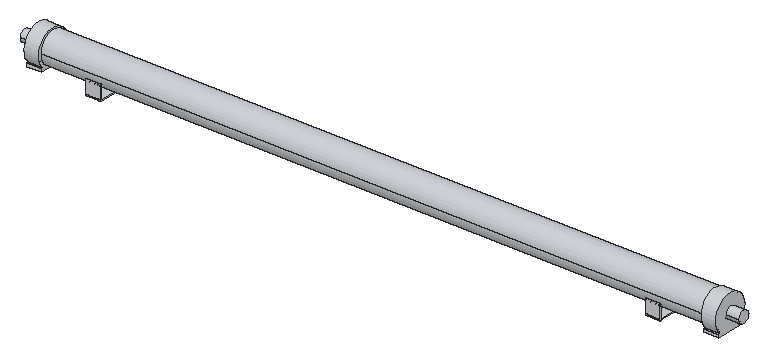
Revit family "0046372", category Lighting Fixtures, host Face, Revit 2017
Family settings
  Host = Face
  Round Connector Dimension = Use Diameter
  Part Type = Normal
  OmniClass Number = 23.80.70.00
  OmniClass Title = Lighting
  Cut with Voids When Loaded = No
  Light Source = Yes
  Shared = No
  Room Calculation Point = No
Parameters (values of type "0046372 ST WTRPRF SLIM 1500 IP65 7200LM 840")
  Weight = "11.16 kg"
  Wattage Comments = ""
  Wattage = 0 W
  WarrantyStartDate [instance] = "n/a"
  WarrantyGuarantorParts = "n/a"
  WarrantyDurationUnit = "n/a"
  WarrantyDurationParts = "n/a"
  WarrantyDescription = "n/a"
  built-in parameter 1150110 = 1 (stored number, unit not read)
  Voltage = 0 V
  URL = "http://www.sylvania-lighting.com"
  TypeName = "START Waterproof Slim 1500 IP65 7200lm 840"
  Type Image = <None>
  Type Comments = "n/a"
  built-in parameter 1114217 = 1 (stored number, unit not read)
  Tilt Angle = -90.00°
  built-in parameter 1150109 = 1 (stored number, unit not read)
  built-in parameter 1150134 = 12
  built-in parameter 1150113 = 1 (stored number, unit not read)
  SerialNumber [instance] = "n/a"
  Photometric Web File = "0046372.ies"
  Material_3_SYL = none
  PowerFactor = 0
  PowerConsumption = "n/a"
  NominalLength = 1403 mm
  NominalHeight = 64.5 mm
  NominalDepth = 67 mm
  Name = "START Waterproof Slim 1500 IP65 7200lm 840"
  ModelReference = Name  # "START Waterproof Slim 1500 IP65 7200lm 840"
  ModelNumber = "0046372"
  Model = Name  # "START Waterproof Slim 1500 IP65 7200lm 840"
  Material = "n/a"
  ManufacturerName = "Feilo Sylvania"
  Manufacturer = "Feilo Sylvania"
  MID_W_DIST_SYL = 47 mm
  LuminousEfficacy = "136 lm/W"
  built-in parameter 1150105 = (empty or 0)
  Lumens = 0 lm
  LuminaireType = ""
  built-in parameter 1150115 = 1 (stored number, unit not read)
  LightOutputRatio = "n/a"
  built-in parameter 1150137 = (empty or 0)
  built-in parameter 1150139 = (empty or 0)
  LampsType = Lamp  # "LED"
  LampNominalLuminous = "7200 lm"
  LampMacAdamStep = "n/a"
  LampColourTemperature = "4000 K"
  LampColourRenderingIndex = "80"
  built-in parameter 1150112 = 1 (stored number, unit not read)
  built-in parameter 1150114 = 1 (stored number, unit not read)
  Lamp = "LED"
  LENGHT_-1_SYL = (-1) * (LENGHT1_SYL)  # -686 mm
  LENGHT1_SYL = 686 mm
  LAM_D_SYL = 32.5 mm
  Keynote = "16500"
  InstallationDate [instance] = "n/a"
  InputVoltage = "n/a"
  InputNominalFrequency = "n/a"
  built-in parameter 1150132 = (empty or 0)
  built-in parameter 1150102 = (empty or 0)
  built-in parameter 1150107 = 4000 (stored number, unit not read)
  built-in parameter 1150138 = (empty or 0)
  IngressProtection = "IP65"
  ImpactProtectionIndex = "IK08"
  built-in parameter 1150106 = (empty or 0)
  IfcExportType = "IfcLightFixtureType"
  IfcExportAs = "IfcLightFixtureType"
  Emit from Circle Diameter = 609.6 mm
  Emit Shape Visible in Rendering = no
  ElectricShockClassification = "Class I"
  built-in parameter 1150104 = 12.635 (stored number, unit not read)
  DocumentationLiterature = "http://www.sylvania-lighting.com/product/en-int/products/0046372"
  DimmingControlOptions = "n/a"
  Material_2_SYL = none
  Dimming Lamp Color Temperature Shift = <None>
  Description = "START Waterproof Slim is a LED integrated polycarbonate housing luminaire with easy to access electrical terminal through bayonet lock end caps and tool-free electrical connection due to push-in terminal. Flexible installation as mounting brackets can be positioned freely on the luminaire. 53W; 7200lm; High efficiency with 136lm/W and 100,000 hours lifespan L70B50. SDCM < 5; IP65; IK08; Class I; 1488mm x 70mm x 69mm."
  Default Elevation = 1219.2 mm
  CreatedOn = "5/11/2021"
  CreatedBy = "@sylvania-lighting.com"
  Cost = 0
  Color Filter = 16777215
  built-in parameter 1114216 [instance] = (empty or 0)
  ClassificationValue = "EF_70_80"
  ClassificationName = "Uniclass2015"
  Material_1_SYL = none
  BarCode [instance] = "n/a"
  built-in parameter 1114218 = 1 (stored number, unit not read)
  built-in parameter 1150133 = 10 (stored number, unit not read)
  AssetType = "Fixed"
  AssetIdentifier [instance] = "n/a"
  Assembly Code = "D5020200"
  Apparent Load = 0 VA
  Material_4_SYL = none
Types (4, lengths in mm): name | TypeName | built-in parameter 1150134 | Photometric Web File | Name | ModelReference | ModelNumber | Model | LampNominalLuminous | LampColourTemperature | built-in parameter 1150107 | DocumentationLiterature | Description
  0046376 ST WTRPRF SLIM 1500 IP65 3800LM 865 | "START Waterproof Slim 1500 IP65 3800lm 865" | 1 | "0046376.ies" | "START Waterproof Slim 1500 IP65 3800lm 865" | "START Waterproof Slim 1500 IP65 3800lm 865" | "0046376" | "START Waterproof Slim 1500 IP65 3800lm 865" | "3800 lm" | "6500 K" | 6500 (stored number, unit not read) | "http://www.sylvania-lighting.com/product/en-int/products/0046376" | "START Waterproof Slim is a LED integrated polycarbonate housing luminaire with easy to access electrical terminal through bayonet lock end caps and tool-free electrical connection due to push-in terminal. Flexible installation as mounting brackets can be positioned freely on the luminaire. 28W; 3800lm; High efficiency with 136lm/W and 100,000 hours lifespan L70B50. SDCM < 5; IP65; IK08; Class I; 1488mm x 70mm x 69mm."
  0046372 ST WTRPRF SLIM 1500 IP65 7200LM 840 | "START Waterproof Slim 1500 IP65 7200lm 840" | 12 | "0046372.ies" | "START Waterproof Slim 1500 IP65 7200lm 840" | "START Waterproof Slim 1500 IP65 7200lm 840" | "0046372" | "START Waterproof Slim 1500 IP65 7200lm 840" | "7200 lm" | "4000 K" | 4000 (stored number, unit not read) | "http://www.sylvania-lighting.com/product/en-int/products/0046372" | "START Waterproof Slim is a LED integrated polycarbonate housing luminaire with easy to access electrical terminal through bayonet lock end caps and tool-free electrical connection due to push-in terminal. Flexible installation as mounting brackets can be positioned freely on the luminaire. 53W; 7200lm; High efficiency with 136lm/W and 100,000 hours lifespan L70B50. SDCM < 5; IP65; IK08; Class I; 1488mm x 70mm x 69mm."
  0046371 ST WTRPRF SLIM 1500 IP65 3800LM 840 | "START Waterproof Slim 1500 IP65 3800lm 840" | 12 | "0046371.ies" | "START Waterproof Slim 1500 IP65 3800lm 840" | "START Waterproof Slim 1500 IP65 3800lm 840" | "0046371" | "START Waterproof Slim 1500 IP65 3800lm 840" | "3800 lm" | "4000 K" | 4000 (stored number, unit not read) | "http://www.sylvania-lighting.com/product/en-int/products/0046371" | "START Waterproof Slim is a LED integrated polycarbonate housing luminaire with easy to access electrical terminal through bayonet lock end caps and tool-free electrical connection due to push-in terminal. Flexible installation as mounting brackets can be positioned freely on the luminaire. 28W; 3800lm; High efficiency with 136lm/W and 100,000 hours lifespan L70B50. SDCM < 5; IP65; IK08; Class I; 1488mm x 70mm x 69mm."
  0046377 ST WTRPRF SLIM 1500 IP65 7200LM 865 | "START Waterproof Slim 1500 IP65 7200lm 865" | 1 | "0046377.ies" | "START Waterproof Slim 1500 IP65 7200lm 865" | "START Waterproof Slim 1500 IP65 7200lm 865" | "0046377" | "START Waterproof Slim 1500 IP65 7200lm 865" | "7200 lm" | "6500 K" | 6500 (stored number, unit not read) | "http://www.sylvania-lighting.com/product/en-int/products/0046377" | "START Waterproof Slim is a LED integrated polycarbonate housing luminaire with easy to access electrical terminal through bayonet lock end caps and tool-free electrical connection due to push-in terminal. Flexible installation as mounting brackets can be positioned freely on the luminaire. 53W; 7200lm; High efficiency with 136lm/W and 100,000 hours lifespan L70B50. SDCM < 5; IP65; IK08; Class I; 1488mm x 70mm x 69mm."
Reference planes
  plane 1 "Center (Front/Back)": y = 0
  plane 2: z = 0
  plane 3 "Center (Left/Right)": x = 0
  plane 4: z = 47
  plane 5: z = 79.5
  plane 6: z = 12
  plane 7: y = 35
  plane 8: y = -35
  plane 9: z = 82
  plane 10: y = 29.5
  plane 11: y = -29.5
  plane 12: z = 18
  plane 13: y = 25.5
  plane 14: y = -25.5
  plane 15: z = 2
  plane 16: y = -27.5
  plane 17: y = 27.5
  plane 18: z = 59
  plane 19: x = 319
Forms (mm)
  Extrusion 1, solid
    sketch origin (319, 1524, 1219.2) x (0, 1, 0) y (0, 0, 1)
      loop
        circle (-1524, -1172.2) r 32.5
    from -686 <- "LENGHT_-1_SYL" to 686 <- "LENGHT1_SYL"
  Extrusion 2, solid
    sketch origin (319, 1524, 1219.2) x (0, 1, 0) y (0, 0, 1)
      loop
        arc (-1498.5, -1201.2) -> (-1524, -1137.2) -> (-1549.5, -1201.2) r 37.08
        line (-1549.5, -1201.2) -> (-1553.5, -1201.2) -> (-1553.5, -1207.2) -> (-1494.5, -1207.2) -> (-1494.5, -1201.2) -> (-1498.5, -1201.2)
    from -716 to -686
  Extrusion 3, solid
    sketch origin (319, 1524, 1219.2) x (0, 1, 0) y (0, 0, 1)
      loop
        line (-1494.5, -1184.388) -> (-1496.5, -1184.388) -> (-1496.5, -1215.2)
        arc (-1496.5, -1215.2) -> (-1497.086, -1216.614) -> (-1498.5, -1217.2) r 2
        line (-1498.5, -1217.2) -> (-1549.5, -1217.2)
        arc (-1549.5, -1217.2) -> (-1550.914, -1216.614) -> (-1551.5, -1215.2) r 2
        line (-1551.5, -1215.2) -> (-1551.5, -1184.388) -> (-1553.5, -1184.388) -> (-1553.5, -1216.2)
        arc (-1553.5, -1216.2) -> (-1552.621, -1218.321) -> (-1550.5, -1219.2) r 3
        line (-1550.5, -1219.2) -> (-1497.5, -1219.2)
        arc (-1497.5, -1219.2) -> (-1495.379, -1218.321) -> (-1494.5, -1216.2) r 3
        line (-1494.5, -1216.2) -> (-1494.5, -1184.388)
    from -594 to -564
  Extrusion 4, solid
    sketch origin (0, 0, 0) x (0, 1, 0) y (0, 0, 1)
      loop
        circle (0, 47) r 12
    from -425 to 1063
  Extrusion 5, solid
    sketch origin (319, 1524, 1219.2) x (0, 1, 0) y (0, 0, -1)
      loop
        line (-1498.5, 1201.2) -> (-1494.5, 1201.2) -> (-1494.5, 1207.2) -> (-1553.5, 1207.2) -> (-1553.5, 1201.2) -> (-1549.5, 1201.2)
        arc (-1549.5, 1201.2) -> (-1524, 1137.2) -> (-1498.5, 1201.2) r 37.08
    from -716 to -686
  Extrusion 6, solid
    sketch origin (319, 1524, 1219.2) x (0, 1, 0) y (0, 0, -1)
      loop
        line (-1494.5, 1184.388) -> (-1494.5, 1216.2)
        arc (-1494.5, 1216.2) -> (-1495.379, 1218.321) -> (-1497.5, 1219.2) r 3
        line (-1497.5, 1219.2) -> (-1550.5, 1219.2)
        arc (-1550.5, 1219.2) -> (-1552.621, 1218.321) -> (-1553.5, 1216.2) r 3
        line (-1553.5, 1216.2) -> (-1553.5, 1184.388) -> (-1551.5, 1184.388) -> (-1551.5, 1215.2)
        arc (-1551.5, 1215.2) -> (-1550.914, 1216.614) -> (-1549.5, 1217.2) r 2
        line (-1549.5, 1217.2) -> (-1498.5, 1217.2)
        arc (-1498.5, 1217.2) -> (-1497.086, 1216.614) -> (-1496.5, 1215.2) r 2
        line (-1496.5, 1215.2) -> (-1496.5, 1184.388) -> (-1494.5, 1184.388)
    from -594 to -564
Dimensions and locks
  "MID_W_DIST_SYL": plane 4 to host face
  "LAM_D_SYL": plane 4 to plane 5
  aligned and locked: plane 2 to host face
  aligned and locked: level to host face
  aligned and locked: Extrusion 2 to Extrusion 1
Automatic sketch dimensions
  host sketch curve to host sketch curve = 2438.4 mm  (x2)
  Extrusion 1 sketch curve to plane 1 "Center (Front/Back)" = 0 mm
  plane 4 to Extrusion 1 sketch curve = 0 mm
  plane 6 to Extrusion 2 sketch curve = 0 mm
  Extrusion 2 sketch curve to plane 11 = 0 mm
  plane 12 to Extrusion 2 sketch curve = 0 mm  (x2)
  Extrusion 2 sketch curve to plane 14 = 0 mm
  Extrusion 2 sketch curve to plane 1 "Center (Front/Back)" = 0 mm
  Extrusion 2 sketch curve to plane 10 = 0 mm
  plane 4 to Extrusion 2 sketch curve = 2.08 mm
  Extrusion 3 sketch curve to plane 11 = 0 mm
  Extrusion 3 sketch curve to plane 16 = 0 mm
  Extrusion 3 sketch curve to level = 0 mm
  Extrusion 3 sketch curve to plane 14 = 0 mm
  Extrusion 3 sketch curve to plane 13 = 0 mm
  Extrusion 3 sketch curve to plane 17 = 0 mm
  Extrusion 3 sketch curve to plane 10 = 0 mm
  plane 15 to Extrusion 3 sketch curve = 0 mm
  plane 14 to Extrusion 3 sketch curve = 1 mm
  Extrusion 3 sketch curve to plane 13 = 1 mm
  plane 4 to Extrusion 3 sketch curve = 12.187 mm
  plane 4 to Extrusion 3 sketch curve = 12.188 mm
  Extrusion 4 sketch curve to plane 1 "Center (Front/Back)" = 0 mm
  plane 4 to Extrusion 4 sketch curve = 0 mm
  plane 6 to Extrusion 5 sketch curve = 0 mm
  Extrusion 5 sketch curve to plane 11 = 0 mm
  plane 12 to Extrusion 5 sketch curve = 0 mm  (x2)
  Extrusion 5 sketch curve to plane 14 = 0 mm
  Extrusion 5 sketch curve to plane 1 "Center (Front/Back)" = 0 mm
  Extrusion 5 sketch curve to plane 10 = 0 mm
  plane 4 to Extrusion 5 sketch curve = 2.08 mm
  Extrusion 6 sketch curve to plane 11 = 0 mm
  Extrusion 6 sketch curve to plane 16 = 0 mm
  Extrusion 6 sketch curve to level = 0 mm
  Extrusion 6 sketch curve to plane 14 = 0 mm
  Extrusion 6 sketch curve to plane 13 = 0 mm
  Extrusion 6 sketch curve to plane 17 = 0 mm
  Extrusion 6 sketch curve to plane 10 = 0 mm
  plane 15 to Extrusion 6 sketch curve = 0 mm
  plane 14 to Extrusion 6 sketch curve = 1 mm
  Extrusion 6 sketch curve to plane 13 = 1 mm
  plane 4 to Extrusion 6 sketch curve = 12.187 mm
  plane 4 to Extrusion 6 sketch curve = 12.188 mm
  radius of Extrusion 1 sketch curve = 32.5 mm
  radius of Extrusion 4 sketch curve = 12 mm
Connectors
  electrical at (-425, 0, 47)
    settings: on Extrusion 4, index 1, voltage 0 V, apparent load 0 VA, apparent load phase1 0 VA, apparent load phase2 0 VA, apparent load phase3 0 VA, power factor 1, load classification "Other", number of poles 1, system type 31, power factor state 1, is connector primary yes, connector utility no, sub classification motor no, connector description ""
